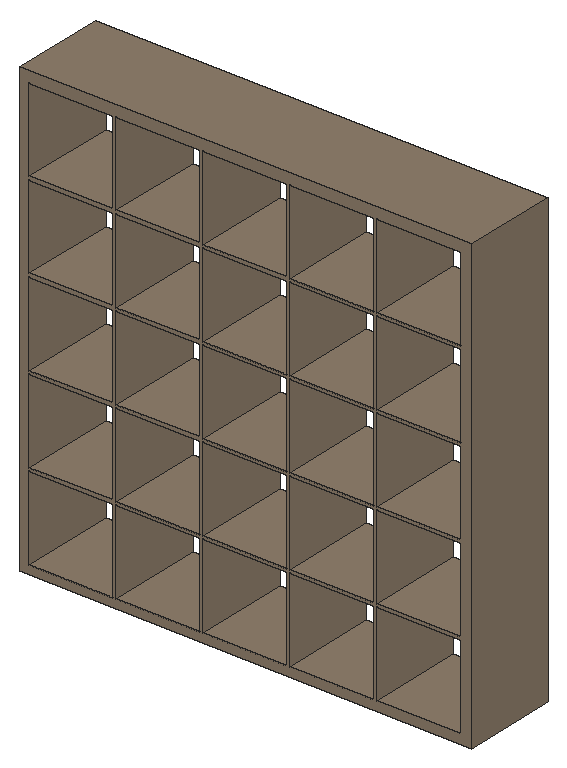
Revit family "Ikea_Expedit_5x5_Shelf_2579", category Мебель, Revit 2017
Family settings
  На основе рабочей плоскости = Нет
  Всегда вертикально = Да
  При загрузке вырезать с полостями = Нет
  Общий = Нет
  Точка расчета площади = Нет
Reference planes (in)
  plane 1 "Center F/B": y = 0
  plane 2: z = 0
  plane 3 "Center L/R": x = 0
Forms (in)
  Extrusion 1, solid
    sketch origin (-3.76789, 0, 0) x (1, 0, 0) y (0, 1, 0)
      loop
        line (-32.66961, 7.6875) -> (-32.66961, -7.6875) -> (40.20539, -7.6875) -> (40.20539, 7.6875) -> (-32.66961, 7.6875)
    from 0 to 72.875
  Extrusion 2, void
    sketch origin (-7.125, 0, 0) x (1, 0, 0) y (0, 0, 1)
      loop
        line (-27.8125, 57.125) -> (-27.8125, 43.59375) -> (-14.28125, 43.59375) -> (-14.28125, 57.125) -> (-27.8125, 57.125)
      loop
        line (-27.8125, 29.5625) -> (-14.28125, 29.5625) -> (-14.28125, 43.09375) -> (-27.8125, 43.09375) -> (-27.8125, 29.5625)
      loop
        line (-0.25, 57.125) -> (-13.78125, 57.125) -> (-13.78125, 43.59375) -> (-0.25, 43.59375) -> (-0.25, 57.125)
      loop
        line (-13.78125, 29.5625) -> (-0.25, 29.5625) -> (-0.25, 43.09375) -> (-13.78125, 43.09375) -> (-13.78125, 29.5625)
      loop
        line (27.8125, 57.125) -> (14.28125, 57.125) -> (14.28125, 43.59375) -> (27.8125, 43.59375) -> (27.8125, 57.125)
      loop
        line (27.8125, 29.5625) -> (27.8125, 43.09375) -> (14.28125, 43.09375) -> (14.28125, 29.5625) -> (27.8125, 29.5625)
      loop
        line (0.25, 57.125) -> (0.25, 43.59375) -> (13.78125, 43.59375) -> (13.78125, 57.125) -> (0.25, 57.125)
      loop
        line (13.78125, 29.5625) -> (13.78125, 43.09375) -> (0.25, 43.09375) -> (0.25, 29.5625) -> (13.78125, 29.5625)
      loop
        line (-27.8125, 1.5) -> (-14.28125, 1.5) -> (-14.28125, 15.03125) -> (-27.8125, 15.03125) -> (-27.8125, 1.5)
      loop
        line (-27.8125, 29.0625) -> (-27.8125, 15.53125) -> (-14.28125, 15.53125) -> (-14.28125, 29.0625) -> (-27.8125, 29.0625)
      loop
        line (-0.25, 1.5) -> (-0.25, 15.03125) -> (-13.78125, 15.03125) -> (-13.78125, 1.5) -> (-0.25, 1.5)
      loop
        line (-13.78125, 29.0625) -> (-13.78125, 15.53125) -> (-0.25, 15.53125) -> (-0.25, 29.0625) -> (-13.78125, 29.0625)
      loop
        line (27.8125, 1.5) -> (27.8125, 15.03125) -> (14.28125, 15.03125) -> (14.28125, 1.5) -> (27.8125, 1.5)
      loop
        line (27.8125, 29.0625) -> (14.28125, 29.0625) -> (14.28125, 15.53125) -> (27.8125, 15.53125) -> (27.8125, 29.0625)
      loop
        line (0.25, 1.5) -> (13.78125, 1.5) -> (13.78125, 15.03125) -> (0.25, 15.03125) -> (0.25, 1.5)
      loop
        line (13.78125, 29.0625) -> (0.25, 29.0625) -> (0.25, 15.53125) -> (13.78125, 15.53125) -> (13.78125, 29.0625)
      loop
        line (41.84375, 57.125) -> (28.3125, 57.125) -> (28.3125, 43.59375) -> (41.84375, 43.59375) -> (41.84375, 57.125)
      loop
        line (41.84375, 29.5625) -> (41.84375, 43.09375) -> (28.3125, 43.09375) -> (28.3125, 29.5625) -> (41.84375, 29.5625)
      loop
        line (41.84375, 1.5) -> (41.84375, 15.03125) -> (28.3125, 15.03125) -> (28.3125, 1.5) -> (41.84375, 1.5)
      loop
        line (41.84375, 29.0625) -> (28.3125, 29.0625) -> (28.3125, 15.53125) -> (41.84375, 15.53125) -> (41.84375, 29.0625)
      loop
        line (-27.8125, 71.15625) -> (-27.8125, 57.625) -> (-14.28125, 57.625) -> (-14.28125, 71.15625) -> (-27.8125, 71.15625)
      loop
        line (-0.25, 71.15625) -> (-13.78125, 71.15625) -> (-13.78125, 57.625) -> (-0.25, 57.625) -> (-0.25, 71.15625)
      loop
        line (27.8125, 71.15625) -> (14.28125, 71.15625) -> (14.28125, 57.625) -> (27.8125, 57.625) -> (27.8125, 71.15625)
      loop
        line (0.25, 71.15625) -> (0.25, 57.625) -> (13.78125, 57.625) -> (13.78125, 71.15625) -> (0.25, 71.15625)
      loop
        line (41.84375, 71.15625) -> (28.3125, 71.15625) -> (28.3125, 57.625) -> (41.84375, 57.625) -> (41.84375, 71.15625)
    from -7.6875 to 7.6875
Cuts and joins
  Extrusion 2 cuts Extrusion 1
